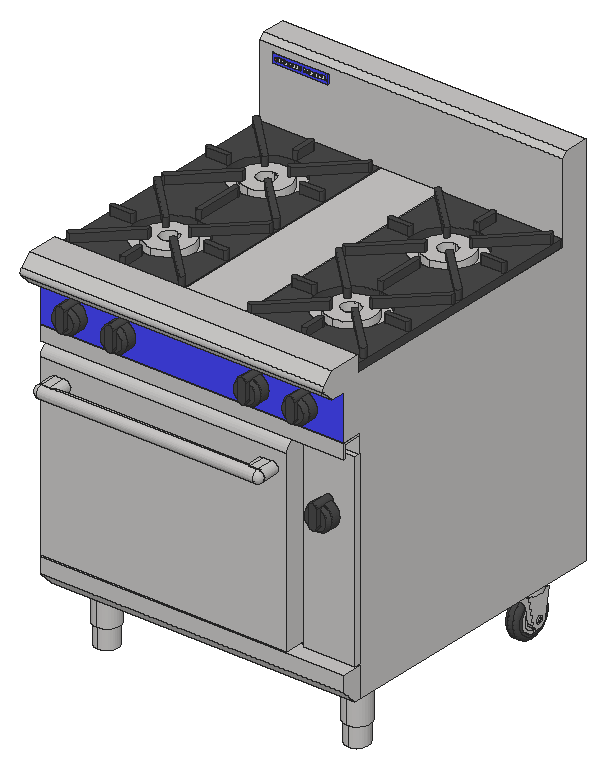
Revit family "QF_MOFFAT_BLUESEAL_CE_GE54D", category Specialty Equipment, Revit 2012 (continued)
Lines and regions (mm)
  symbolic lines
    curve 138: arc (600, -152.5, 150) -> (685, -237.5, 150) -> (600, -322.5, 150) r 85
    curve 139: arc (600, -180.5, 150) -> (543, -237.5, 150) -> (600, -294.5, 150) r 57
    curve 140: arc (600, -294.5, 150) -> (657, -237.5, 150) -> (600, -180.5, 150) r 57
    curve 141: arc (600, -259.5, 150) -> (578, -237.5, 150) -> (600, -215.5, 150) r 22
    curve 142: arc (600, -215.5, 150) -> (622, -237.5, 150) -> (600, -259.5, 150) r 22
    curve 143: line (149.988, -331.778, 0) -> (149.988, -448.358, 0)
    curve 144: line (150.034, -681.268, 0) -> (150.034, -628.558, 0)
    curve 145: line (9.26, -537.634, 0) -> (59.26, -537.634, 0)
    curve 146: line (178.593, -512.407, 0) -> (291.73, -399.27, 0)
    curve 147: line (291.767, -537.634, 0) -> (240.041, -537.634, 0)
    curve 148: arc (150, -480.5, 150) -> (207, -537.5, 150) -> (150, -594.5, 150) r 57
    curve 149: arc (150, -594.5, 150) -> (93, -537.5, 150) -> (150, -480.5, 150) r 57
    curve 150: arc (150, -622.768, 150) -> (235, -537.768, 150) -> (150, -452.768, 150) r 85
    curve 151: arc (150, -452.768, 150) -> (65, -537.768, 150) -> (150, -622.768, 150) r 85
    curve 152: arc (150, -515.5, 150) -> (128, -537.5, 150) -> (150, -559.5, 150) r 22
    curve 153: arc (150, -559.5, 150) -> (172, -537.5, 150) -> (150, -515.5, 150) r 22
    curve 154: line (121.407, -512.407, 0) -> (8.27, -399.27, 0)
    curve 155: line (178.593, -562.593, 0) -> (291.73, -675.73, 0)
    curve 156: line (121.407, -562.593, 0) -> (8.27, -675.73, 0)
    curve 157: line (150.034, -96.281, 0) -> (150.034, -149.16, 0)
    curve 158: line (178.593, -269.593, 0) -> (291.73, -382.73, 0)
    curve 159: line (121.407, -269.593, 0) -> (8.27, -382.73, 0)
    curve 160: line (9.26, -241, 0) -> (59.26, -241, 0)
    curve 161: line (291.767, -241, 0) -> (240.041, -241, 0)
    curve 162: arc (150, -322.5, 150) -> (235, -237.5, 150) -> (150, -152.5, 150) r 85
    curve 163: arc (150, -152.5, 150) -> (65, -237.5, 150) -> (150, -322.5, 150) r 85
    curve 164: arc (150, -180.5, 150) -> (207, -237.5, 150) -> (150, -294.5, 150) r 57
    curve 165: arc (150, -294.5, 150) -> (93, -237.5, 150) -> (150, -180.5, 150) r 57
    curve 166: arc (150, -259.5, 150) -> (172, -237.5, 150) -> (150, -215.5, 150) r 22
    curve 167: arc (150, -215.5, 150) -> (128, -237.5, 150) -> (150, -259.5, 150) r 22
    curve 168: line (178.593, -205.407, 0) -> (291.73, -92.27, 0)
    curve 169: line (121.407, -205.407, 0) -> (8.27, -92.27, 0)
    curve 170: line (32.794, -18.385, 150) -> (260.753, -18.385, 150)
    curve 171: arc (260.753, -18.385, 150) -> (265.753, -19.725, 150) -> (269.413, -23.385, 150) r 10
    curve 172: line (269.413, -23.385, 150) -> (273.455, -30.385, 150)
    curve 173: arc (273.455, -30.385, 150) -> (273.455, -40.385, 150) -> (264.794, -45.385, 150) r 10
    curve 174: line (264.794, -45.385, 150) -> (36.836, -45.385, 150)
    curve 175: arc (36.836, -45.385, 150) -> (31.836, -44.045, 150) -> (28.176, -40.385, 150) r 10
    curve 176: line (28.176, -40.385, 150) -> (24.134, -33.385, 150)
    curve 177: arc (24.134, -33.385, 150) -> (24.134, -23.385, 150) -> (32.794, -18.385, 150) r 10
    curve 178: line (710.753, -18.385, 150) -> (482.794, -18.385, 150)
    curve 179: arc (482.794, -18.385, 150) -> (474.134, -23.385, 150) -> (474.134, -33.385, 150) r 10
    curve 180: line (474.134, -33.385, 150) -> (478.176, -40.385, 150)
    curve 181: arc (478.176, -40.385, 150) -> (481.836, -44.045, 150) -> (486.836, -45.385, 150) r 10
    curve 182: line (486.836, -45.385, 150) -> (714.794, -45.385, 150)
    curve 183: arc (714.794, -45.385, 150) -> (723.455, -40.385, 150) -> (723.455, -30.385, 150) r 10
    curve 184: line (723.455, -30.385, 150) -> (719.413, -23.385, 150)
    curve 185: arc (719.413, -23.385, 150) -> (715.753, -19.725, 150) -> (710.753, -18.385, 150) r 10
    curve 186: line (0, -783.97, 150) -> (750, -783.97, 150)
    curve 187: line (0, -57.5, 150) -> (750, -57.5, 150)
  symbolic lines, style "QF_Door-Drawer Clearances", visible <- "Show Clearance"
    curve 116: line (0, -812, 0) -> (0, -1211.516, 0)
    curve 117: line (0, -1211.516, 0) -> (610, -1211.516, 0)
    curve 118: line (610, -1211.516, 0) -> (610, -812, 0)
Dimensions and locks
  equal spacing: plane 3 "LEFT", plane 7 "Center Y", plane 4 "RIGHT"
  "Width": plane 3 "LEFT" to plane 4 "RIGHT"
  equal spacing: plane 5 "FRONT", plane 8 "Center X", plane 1 "BACK"
  "Depth": plane 5 "FRONT" to plane 1 "BACK"
  equal spacing: plane 4 "RIGHT", plane 7 "Center Y", plane 3 "LEFT"
  plane 4 "RIGHT" to plane 3 "LEFT" = 750 mm
  plane 6 "TOP" to level = 970 mm  (x2)
  Extrusion 2 to level = 655 mm
  Extrusion 2 to plane 1 "BACK" = 32 mm
  plane 5 "FRONT" to plane 1 "BACK" = 812 mm
  Extrusion 1 to level = 915 mm
  plane 10 "Base Height" to level = 150 mm
  plane 6 "TOP" to plane 2 = 970 mm
  locked: plane 2 to Extrusion 1 sketch curve at 875
  locked: plane 2 to Extrusion 1 sketch curve at 915
  Extrusion 4 sketch curve to plane 11 = 64.8 mm
  locked: plane 13 to plane 4 "RIGHT" at 65
  plane 14 to Extrusion 9 sketch curve = 64.8 mm
  plane 1 "BACK" to plane 15 = 500 mm
  plane 17 to level = 1085 mm
  Extrusion 29 sketch curve to plane 1 "BACK" = 501 mm
  Extrusion 29 sketch curve to plane 4 "RIGHT" = 74 mm
  "Height": plane 17 to level
  Revolve 33 sketch curve to Revolve 33 sketch curve = 50.8 mm
  Revolve 37 sketch curve to Revolve 37 sketch curve = 50.8 mm
  aligned and locked: level to plane 2
  aligned and locked: curve 3 to plane 4 "RIGHT"
  aligned and locked: Extrusion 4 to curve 7
  aligned and locked: Extrusion 1 to plane 4 "RIGHT"
  aligned and locked: Revolve 6 to plane 13  (x5)
  aligned and locked: Extrusion 7 to Extrusion 4
Automatic sketch dimensions
  plane 12 to Extrusion 2 sketch curve = 0.062 mm
  plane 1 "BACK" to Extrusion 2 sketch curve = 32 mm
  Revolve 3 sketch curve to plane 10 "Base Height" = 0 mm
  Revolve 3 sketch curve to level = 0 mm
  level to Revolve 3 sketch curve = 50 mm
  Revolve 3 sketch curve to plane 5 "FRONT" = 155.25 mm
  Revolve 3 sketch curve to Revolve 3 sketch curve = 4.25 mm
  Revolve 3 sketch curve to Revolve 3 sketch curve = 27.5 mm  (x2)
  Revolve 3 sketch curve to Revolve 3 sketch curve = 55 mm
  Revolve 3 sketch curve to Revolve 3 sketch curve = 0 mm
  Revolve 6 sketch curve to plane 10 "Base Height" = 0 mm
  Revolve 6 sketch curve to level = 0 mm
  level to Revolve 6 sketch curve = 50 mm
  Revolve 6 sketch curve to plane 5 "FRONT" = 155.25 mm
  Revolve 6 sketch curve to Revolve 6 sketch curve = 4.25 mm
  Revolve 6 sketch curve to Revolve 6 sketch curve = 27.5 mm  (x2)
  Revolve 6 sketch curve to Revolve 6 sketch curve = 0 mm
  Revolve 6 sketch curve to Revolve 6 sketch curve = 55 mm
  plane 12 to Extrusion 8 sketch curve = 5 mm
  Extrusion 8 sketch curve to plane 6 "TOP" = 277.5 mm
  Extrusion 8 sketch curve to plane 12 = 10 mm
  plane 10 "Base Height" to Extrusion 8 sketch curve = 77.5 mm
  Revolve 10 sketch curve to plane 5 "FRONT" = 63 mm
  Revolve 10 sketch curve to Revolve 10 sketch curve = 10 mm
  Revolve 10 sketch curve to Revolve 10 sketch curve = 21.3 mm
  Revolve 10 sketch curve to Revolve 10 sketch curve = 23 mm
  Revolve 10 sketch curve to plane 5 "FRONT" = 19 mm
  Revolve 10 sketch curve to Revolve 10 sketch curve = 0 mm  (x2)
  Revolve 10 sketch curve to plane 6 "TOP" = 174 mm
  Revolve 10 sketch curve to Revolve 10 sketch curve = 5 mm
  Revolve 10 sketch curve to Revolve 10 sketch curve = 26.651 mm
  Revolve 10 sketch curve to Revolve 10 sketch curve = 5.849 mm
  Revolve 11 sketch curve to plane 5 "FRONT" = 19 mm
  Revolve 11 sketch curve to Revolve 11 sketch curve = 0 mm  (x2)
  Revolve 11 sketch curve to Revolve 11 sketch curve = 11 mm
  Revolve 11 sketch curve to Revolve 11 sketch curve = 12.7 mm
  Revolve 11 sketch curve to Revolve 11 sketch curve = 23 mm
  Revolve 11 sketch curve to Revolve 11 sketch curve = 10 mm
  Revolve 11 sketch curve to plane 6 "TOP" = 141.732 mm
  Revolve 11 sketch curve to Revolve 11 sketch curve = 5.849 mm
  Revolve 11 sketch curve to Revolve 11 sketch curve = 27.5 mm
  Revolve 11 sketch curve to Revolve 11 sketch curve = 5 mm
  plane 3 "LEFT" to Extrusion 12 sketch curve = 100 mm
  Extrusion 12 sketch curve to Extrusion 12 sketch curve = 10 mm
  Extrusion 12 sketch curve to plane 6 "TOP" = 147.105 mm
  Extrusion 12 sketch curve to Extrusion 12 sketch curve = 39 mm
  Extrusion 13 sketch curve to plane 7 "Center Y" = 153.818 mm
  Extrusion 13 sketch curve to Extrusion 13 sketch curve = 10 mm
  Extrusion 13 sketch curve to plane 6 "TOP" = 147.105 mm
  Extrusion 13 sketch curve to Extrusion 13 sketch curve = 39 mm
  Revolve 14 sketch curve to plane 5 "FRONT" = 63 mm
  Revolve 14 sketch curve to Revolve 14 sketch curve = 10 mm
  Revolve 14 sketch curve to Revolve 14 sketch curve = 21.3 mm
  Revolve 14 sketch curve to Revolve 14 sketch curve = 23 mm
  Revolve 14 sketch curve to plane 5 "FRONT" = 19 mm
  Revolve 14 sketch curve to Revolve 14 sketch curve = 0 mm  (x2)
  Revolve 14 sketch curve to plane 6 "TOP" = 141.5 mm
  Revolve 14 sketch curve to Revolve 14 sketch curve = 5.849 mm
  Revolve 14 sketch curve to Revolve 14 sketch curve = 27.5 mm
  Revolve 14 sketch curve to Revolve 14 sketch curve = 5 mm
  Revolve 15 sketch curve to plane 5 "FRONT" = 19 mm
  Revolve 15 sketch curve to Revolve 15 sketch curve = 0 mm  (x2)
  Revolve 15 sketch curve to Revolve 15 sketch curve = 11 mm
  Revolve 15 sketch curve to Revolve 15 sketch curve = 12.7 mm
  Revolve 15 sketch curve to Revolve 15 sketch curve = 23 mm
  Revolve 15 sketch curve to Revolve 15 sketch curve = 10 mm
  Revolve 15 sketch curve to plane 6 "TOP" = 174.232 mm
  Revolve 15 sketch curve to Revolve 15 sketch curve = 5 mm
  Revolve 15 sketch curve to Revolve 15 sketch curve = 26.651 mm
  Revolve 15 sketch curve to Revolve 15 sketch curve = 5.849 mm
  plane 16 to Extrusion 16 sketch curve = 26 mm
  Extrusion 16 sketch curve to Extrusion 16 sketch curve = 10 mm
  Extrusion 16 sketch curve to plane 6 "TOP" = 186.105 mm
  Extrusion 16 sketch curve to Extrusion 16 sketch curve = 39 mm
  Extrusion 17 sketch curve to plane 12 = 90 mm
  Extrusion 17 sketch curve to Extrusion 17 sketch curve = 10 mm
  Extrusion 17 sketch curve to plane 6 "TOP" = 186.105 mm
  Extrusion 17 sketch curve to Extrusion 17 sketch curve = 39 mm
  Revolve 18 sketch curve to plane 5 "FRONT" = 54.5 mm
  Revolve 18 sketch curve to Revolve 18 sketch curve = 0 mm  (x2)
  Revolve 18 sketch curve to Revolve 18 sketch curve = 11 mm
  Revolve 18 sketch curve to Revolve 18 sketch curve = 12.7 mm
  Revolve 18 sketch curve to Revolve 18 sketch curve = 23 mm
  Revolve 18 sketch curve to Revolve 18 sketch curve = 10 mm
  plane 10 "Base Height" to Revolve 18 sketch curve = 402.134 mm
  Revolve 18 sketch curve to Revolve 18 sketch curve = 5 mm
  Revolve 18 sketch curve to Revolve 18 sketch curve = 26.651 mm
  Revolve 18 sketch curve to Revolve 18 sketch curve = 5.849 mm
  Extrusion 19 sketch curve to plane 16 = 1.529 mm
  Extrusion 19 sketch curve to plane 13 = 2.529 mm
  plane 10 "Base Height" to Extrusion 19 sketch curve = 390.261 mm
  Extrusion 19 sketch curve to Extrusion 19 sketch curve = 39 mm
  Extrusion 20 sketch curve to plane 5 "FRONT" = 63 mm
  plane 10 "Base Height" to Extrusion 20 sketch curve = 77.5 mm
  plane 5 "FRONT" to Extrusion 20 sketch curve = 399.516 mm
  plane 13 to Extrusion 21 sketch curve = 4 mm
  Extrusion 21 sketch curve to plane 12 = 20 mm
  Extrusion 21 sketch curve to plane 12 = 68.5 mm
  Extrusion 21 sketch curve to plane 1 "BACK" = 30.24 mm
  plane 1 "BACK" to Extrusion 21 sketch curve = 38.76 mm
  plane 9 to Extrusion 21 sketch curve = 12.74 mm
  plane 3 "LEFT" to Extrusion 24 sketch curve = 58.528 mm
  Extrusion 24 sketch curve to plane 6 "TOP" = 361.875 mm  (x2)
  Extrusion 24 sketch curve to plane 12 = 67.243 mm
  Extrusion 24 sketch curve to Extrusion 24 sketch curve = 15 mm  (x2)
  Extrusion 24 sketch curve to Extrusion 24 sketch curve = 20.282 mm  (x2)
  Revolve 25 sketch curve to plane 3 "LEFT" = 6.961 mm
  plane 3 "LEFT" to Revolve 25 sketch curve = 23.246 mm
  Revolve 25 sketch curve to Revolve 25 sketch curve = 15 mm
  Revolve 25 sketch curve to plane 12 = 46.961 mm
  Revolve 25 sketch curve to Revolve 25 sketch curve = 0 mm  (x2)
  Revolve 25 sketch curve to plane 6 "TOP" = 346.875 mm
  Extrusion 26 sketch curve to plane 5 "FRONT" = 63 mm
  Extrusion 26 sketch curve to Extrusion 26 sketch curve = 26.195 mm
  Extrusion 26 sketch curve to Extrusion 26 sketch curve = 50 mm
  plane 10 "Base Height" to Extrusion 26 sketch curve = 77.5 mm
  Extrusion 26 sketch curve to plane 6 "TOP" = 303.695 mm
  Extrusion 27 sketch curve to plane 5 "FRONT" = 63 mm
  Extrusion 27 sketch curve to Extrusion 27 sketch curve = 3.02 mm
  Extrusion 27 sketch curve to Extrusion 27 sketch curve = 44.98 mm
  Extrusion 27 sketch curve to plane 6 "TOP" = 267 mm
  Extrusion 27 sketch curve to Extrusion 27 sketch curve = 32 mm
  Extrusion 27 sketch curve to Extrusion 27 sketch curve = 3 mm
  Extrusion 28 sketch curve to plane 5 "FRONT" = 63 mm
  plane 9 to Extrusion 9 sketch curve = 29 mm
  Extrusion 9 sketch curve to Extrusion 9 sketch curve = 3 mm  (x3)
  Extrusion 9 sketch curve to plane 12 = 20 mm  (x2)
  Extrusion 9 sketch curve to plane 9 = 137.5 mm
  Extrusion 9 sketch curve to plane 15 = 37.768 mm
  Extrusion 9 sketch curve to plane 5 "FRONT" = 110 mm  (x2)
  plane 7 "Center Y" to Extrusion 9 sketch curve = 78 mm
  plane 9 to Extrusion 4 sketch curve = 29 mm
  Extrusion 4 sketch curve to Extrusion 4 sketch curve = 3 mm  (x3)
  Extrusion 4 sketch curve to plane 9 = 137.5 mm
  Extrusion 4 sketch curve to plane 15 = 37.768 mm
  Extrusion 4 sketch curve to plane 5 "FRONT" = 110 mm  (x2)
  Extrusion 4 sketch curve to plane 11 = 84.2 mm  (x2)
  Extrusion 4 sketch curve to plane 7 "Center Y" = 78 mm
  curve 121 to curve 125 = 0 mm  (x2)
  curve 137 to curve 139 = 0 mm  (x2)
  curve 137 to curve 141 = 0 mm  (x2)
  curve 148 to curve 152 = 0 mm
  curve 149 to curve 153 = 0 mm
  curve 163 to curve 165 = 0 mm  (x2)
  curve 163 to curve 166 = 0 mm
  curve 163 to curve 167 = 0 mm
  curve 121 to plane 12 = 20 mm
  curve 123 to curve 121 = 0 mm
  curve 137 to plane 12 = 20 mm
  curve 148 to plane 15 = 37.5 mm
  plane 3 "LEFT" to curve 148 = 150 mm
  curve 150 to curve 148 = 0 mm
  plane 3 "LEFT" to curve 162 = 150 mm
  curve 126 to plane 15 = 37.5 mm
  curve 152 to plane 15 = 15.5 mm
  curve 125 to plane 15 = 15.5 mm
  plane 15 to curve 122 = 19.5 mm
  plane 15 to curve 149 = 19.5 mm
  curve 151 to curve 148 = 27.732 mm
  curve 124 to curve 121 = 27.732 mm
  plane 8 "Center X" to curve 163 = 83.5 mm
  plane 8 "Center X" to curve 137 = 83.5 mm
  curve 140 to curve 137 = 28 mm
  curve 164 to curve 162 = 28 mm
  curve 142 to curve 139 = 35 mm
  curve 166 to curve 164 = 35 mm
  curve 139 to curve 142 = 22 mm
  curve 164 to curve 166 = 22 mm
  curve 121 to curve 123 = 0.268 mm
  curve 148 to curve 151 = 0.268 mm
  plane 1 "BACK" to curve 1 = 0 mm
  curve 1 to plane 3 "LEFT" = 0 mm
  curve 34 to plane 7 "Center Y" = 0 mm
  curve 100 to plane 7 "Center Y" = 0 mm
  curve 46 to plane 7 "Center Y" = 0 mm
  curve 94 to plane 7 "Center Y" = 0 mm
  curve 29 to plane 7 "Center Y" = 0 mm
  curve 106 to plane 7 "Center Y" = 0 mm
  curve 52 to plane 7 "Center Y" = 0 mm
  curve 23 to plane 7 "Center Y" = 0 mm
  curve 89 to plane 7 "Center Y" = 0 mm
  curve 58 to plane 7 "Center Y" = 0 mm
  curve 40 to plane 7 "Center Y" = 0 mm
  curve 17 to plane 7 "Center Y" = 0 mm
  curve 11 to plane 7 "Center Y" = 0 mm
  curve 64 to plane 7 "Center Y" = 0 mm
  curve 83 to plane 7 "Center Y" = 0 mm
  curve 70 to plane 7 "Center Y" = 0 mm
  curve 76 to plane 7 "Center Y" = 0 mm
  plane 5 "FRONT" to curve 118 = 0 mm
  plane 3 "LEFT" to curve 156 = 8.27 mm
  plane 3 "LEFT" to curve 159 = 8.27 mm
  plane 3 "LEFT" to curve 169 = 8.27 mm
  plane 3 "LEFT" to curve 154 = 8.27 mm
  plane 3 "LEFT" to curve 160 = 9.26 mm
  plane 3 "LEFT" to curve 145 = 9.26 mm
  curve 145 to curve 145 = 50 mm
  curve 160 to curve 160 = 50 mm
  curve 145 to curve 156 = 62.147 mm
  curve 160 to curve 159 = 62.147 mm
  curve 169 to curve 159 = 0 mm
  curve 154 to plane 15 = 12.407 mm
  curve 154 to curve 156 = 0 mm
  curve 154 to curve 143 = 28.581 mm
  curve 156 to curve 144 = 28.628 mm
  curve 169 to curve 157 = 28.628 mm
  curve 159 to curve 158 = 57.187 mm
  curve 169 to curve 168 = 57.187 mm
  curve 155 to plane 15 = 62.593 mm
  curve 156 to curve 155 = 57.187 mm
  curve 146 to plane 15 = 12.407 mm
  curve 146 to curve 155 = 0 mm
  curve 155 to curve 147 = 61.447 mm
  curve 158 to curve 161 = 61.447 mm
  plane 8 "Center X" to curve 158 = 23.27 mm
  curve 158 to curve 7 = 8.27 mm
  curve 155 to curve 119 = 8.27 mm
  plane 8 "Center X" to curve 146 = 6.73 mm
  curve 146 to curve 7 = 8.27 mm  (x2)
  plane 9 to curve 168 = 7.73 mm
  curve 168 to curve 119 = 8.27 mm
  curve 161 to curve 161 = 51.727 mm
  curve 147 to curve 147 = 51.727 mm
  curve 69 to plane 7 "Center Y" = 47.424 mm
  curve 147 to curve 81 = 35.809 mm
  plane 15 to curve 74 = 10.963 mm
  curve 74 to curve 68 = 0 mm
  curve 8 to plane 9 = 15.037 mm
  curve 168 to curve 8 = 35.846 mm
  curve 86 to curve 80 = 0 mm
  curve 63 to curve 68 = 0 mm
  curve 14 to curve 8 = 0 mm
  plane 8 "Center X" to curve 57 = 10.963 mm
  curve 57 to curve 62 = 0 mm
  curve 20 to curve 14 = 0 mm
  curve 92 to curve 86 = 0 mm
  curve 51 to curve 56 = 0 mm
  curve 155 to curve 105 = 35.846 mm
  curve 26 to curve 20 = 0 mm
  curve 45 to curve 50 = 0 mm
  curve 32 to curve 26 = 0 mm
  curve 98 to curve 104 = 0 mm
  curve 39 to curve 44 = 0 mm
  curve 67 to plane 8 "Center X" = 23.037 mm
  curve 64 to curve 67 = 47.424 mm
  curve 84 to plane 15 = 23.037 mm
  curve 82 to curve 84 = 47.424 mm
  curve 61 to curve 66 = 0 mm
  curve 55 to curve 60 = 0 mm
  curve 90 to curve 84 = 0 mm
  curve 49 to curve 54 = 0 mm
  curve 43 to curve 48 = 0 mm
  curve 96 to curve 90 = 0 mm
  curve 72 to curve 66 = 0 mm
  curve 37 to curve 42 = 0 mm
  curve 31 to curve 36 = 0 mm
  curve 102 to curve 96 = 0 mm
  curve 25 to curve 30 = 0 mm
  curve 19 to curve 24 = 0 mm
  curve 108 to curve 102 = 0 mm
  plane 15 to curve 78 = 10.963 mm
  curve 78 to curve 84 = 0 mm
  curve 12 to curve 18 = 0 mm
  curve 84 to curve 115 = 35.809 mm
  curve 36 to curve 136 = 35.809 mm
  plane 8 "Center X" to curve 131 = 23.27 mm
  curve 114 to curve 131 = 8.27 mm
  plane 8 "Center X" to curve 113 = 6.73 mm
  curve 114 to curve 113 = 8.27 mm
  plane 9 to curve 133 = 7.73 mm
  curve 120 to curve 133 = 8.27 mm
  curve 120 to curve 128 = 8.27 mm
  curve 115 to curve 115 = 51.727 mm
  curve 136 to curve 136 = 51.727 mm
  curve 133 to plane 12 = 48.593 mm
  curve 113 to plane 15 = 12.407 mm
  curve 113 to plane 12 = 48.593 mm
  curve 131 to plane 12 = 48.593 mm
  curve 128 to plane 12 = 48.593 mm
  plane 9 to curve 130 = 3.719 mm
  curve 130 to plane 12 = 20.034 mm
  curve 111 to plane 12 = 20.034 mm
  curve 110 to plane 12 = 19.988 mm
  curve 117 to plane 12 = 10 mm
  plane 12 to curve 127 = 8.593 mm
  plane 12 to curve 132 = 8.593 mm
  plane 12 to curve 134 = 8.593 mm
  plane 12 to curve 129 = 8.593 mm
  curve 112 to plane 13 = 5.74 mm
  curve 135 to plane 13 = 5.74 mm
  plane 4 "RIGHT" to curve 135 = 9.26 mm
  plane 4 "RIGHT" to curve 112 = 9.26 mm
  plane 4 "RIGHT" to curve 129 = 8.27 mm
  plane 4 "RIGHT" to curve 127 = 8.27 mm
  plane 4 "RIGHT" to curve 132 = 8.27 mm
  plane 4 "RIGHT" to curve 134 = 8.27 mm
  curve 116 to curve 1 = 399.516 mm
  curve 5 to plane 5 "FRONT" = 107 mm
  curve 119 to plane 5 "FRONT" = 107 mm
  curve 120 to plane 5 "FRONT" = 107 mm
  curve 111 to plane 5 "FRONT" = 130.732 mm
  curve 144 to curve 155 = 118.675 mm
  curve 119 to curve 155 = 29.27 mm
  curve 120 to curve 128 = 29.27 mm
  curve 5 to curve 129 = 29.27 mm
  curve 5 to curve 156 = 29.27 mm
  curve 155 to curve 104 = 8.693 mm
  curve 104 to curve 106 = 0 mm
  curve 128 to curve 108 = 8.693 mm
  curve 104 to curve 105 = 8 mm
  curve 108 to curve 109 = 8 mm
  curve 106 to curve 106 = 8 mm
  curve 108 to curve 102 = 18 mm
  curve 106 to curve 100 = 18 mm
  curve 104 to curve 98 = 18 mm
  curve 144 to curve 144 = 52.71 mm
  curve 111 to curve 111 = 52.71 mm
  curve 100 to curve 100 = 8 mm
  curve 98 to curve 99 = 8 mm
  curve 102 to curve 103 = 8 mm
  curve 102 to curve 96 = 18 mm
  curve 100 to curve 94 = 18 mm
  curve 98 to curve 93 = 18 mm
  curve 92 to curve 93 = 8 mm
  curve 96 to curve 97 = 8 mm
  curve 94 to curve 94 = 8 mm
  curve 96 to curve 90 = 18 mm
  curve 94 to curve 89 = 18 mm
  curve 92 to curve 86 = 18 mm
  curve 128 to curve 113 = 50.187 mm
  curve 156 to curve 154 = 50.187 mm
  curve 128 to curve 129 = 0 mm
  curve 90 to curve 90 = 8 mm
  curve 88 to curve 88 = 8 mm
  curve 86 to curve 87 = 8 mm
  curve 86 to curve 147 = 11.403 mm
  curve 112 to plane 15 = 37.634 mm
  curve 145 to plane 15 = 37.634 mm
  curve 90 to curve 115 = 11.403 mm
  curve 86 to curve 80 = 18 mm
  curve 88 to curve 83 = 18 mm
  curve 85 to curve 84 = 8 mm
  curve 82 to curve 83 = 8 mm
  curve 80 to curve 81 = 8 mm
  curve 127 to plane 15 = 12.407 mm
  plane 15 to curve 79 = 2.963 mm
  plane 15 to curve 74 = 2.963 mm
  plane 15 to curve 77 = 2.963 mm
  curve 76 to curve 77 = 8 mm
  curve 78 to curve 72 = 18 mm
  curve 76 to curve 71 = 18 mm
  curve 74 to curve 69 = 18 mm
  curve 70 to curve 71 = 8 mm
  curve 68 to curve 69 = 8 mm
  curve 72 to curve 72 = 8 mm
  curve 110 to plane 8 "Center X" = 42.358 mm
  curve 143 to plane 8 "Center X" = 42.358 mm
  curve 70 to curve 65 = 18 mm
  curve 68 to curve 62 = 18 mm
  curve 62 to curve 63 = 8 mm
  curve 66 to curve 67 = 8 mm
  curve 64 to curve 64 = 8 mm
  plane 8 "Center X" to curve 154 = 6.73 mm
  plane 8 "Center X" to curve 127 = 6.73 mm
  plane 8 "Center X" to curve 59 = 10.963 mm
  plane 8 "Center X" to curve 60 = 10.963 mm
  curve 127 to curve 114 = 8.27 mm
  curve 56 to curve 56 = 8 mm
  curve 60 to curve 61 = 8 mm
  curve 58 to curve 59 = 8 mm
  curve 114 to curve 132 = 8.27 mm
  curve 7 to curve 159 = 8.27 mm
  curve 60 to curve 54 = 18 mm
  curve 56 to curve 50 = 18 mm
  curve 58 to curve 53 = 18 mm
  curve 54 to curve 54 = 8 mm
  curve 50 to curve 51 = 8 mm
  curve 52 to curve 53 = 8 mm
  plane 8 "Center X" to curve 143 = 74.222 mm
  curve 50 to curve 44 = 18 mm
  curve 52 to curve 46 = 18 mm
  curve 54 to curve 49 = 18 mm
  plane 8 "Center X" to curve 110 = 80 mm
  curve 44 to curve 44 = 8 mm
  curve 48 to curve 49 = 8 mm
  curve 46 to curve 46 = 8 mm
  curve 48 to curve 43 = 18 mm
  curve 46 to curve 40 = 18 mm
  curve 44 to curve 38 = 18 mm
  curve 42 to curve 43 = 8 mm
  curve 40 to curve 41 = 8 mm
  curve 38 to curve 38 = 8 mm
  curve 110 to curve 131 = 56.407 mm
  curve 143 to curve 159 = 62.185 mm
  curve 131 to curve 132 = 0 mm
  curve 159 to curve 158 = 0 mm
  curve 40 to curve 35 = 18 mm
  curve 38 to curve 33 = 18 mm
  curve 42 to curve 36 = 18 mm
  curve 36 to curve 36 = 8 mm
  curve 32 to curve 32 = 8 mm
  curve 34 to curve 34 = 8 mm
  curve 158 to curve 161 = 28.593 mm
  curve 132 to curve 135 = 28.593 mm
  curve 36 to curve 136 = 2.037 mm
  curve 159 to curve 160 = 28.593 mm
  curve 34 to curve 28 = 18 mm
  curve 32 to curve 26 = 18 mm
  curve 36 to curve 31 = 18 mm
  curve 30 to curve 31 = 8 mm
  curve 26 to curve 27 = 8 mm
  curve 28 to curve 29 = 8 mm
  curve 159 to curve 169 = 64.187 mm
  curve 132 to curve 134 = 64.187 mm
  curve 133 to curve 134 = 0 mm
  curve 169 to curve 168 = 0 mm
  curve 26 to curve 20 = 18 mm
  curve 28 to curve 22 = 18 mm
  curve 30 to curve 24 = 18 mm
  curve 20 to curve 21 = 8 mm
  curve 24 to curve 25 = 8 mm
  curve 22 to curve 22 = 8 mm
  curve 24 to curve 18 = 18 mm
  curve 20 to curve 15 = 18 mm
  curve 22 to curve 16 = 18 mm
  curve 130 to plane 9 = 49.16 mm
  curve 157 to plane 9 = 49.16 mm
  curve 18 to curve 19 = 8 mm
  curve 14 to curve 14 = 8 mm
  curve 16 to curve 17 = 8 mm
  curve 8 to curve 8 = 8 mm
  curve 16 to curve 10 = 18 mm
  curve 18 to curve 12 = 18 mm
  curve 10 to curve 10 = 8 mm
  curve 12 to curve 13 = 8 mm
  plane 9 to curve 157 = 3.719 mm
  plane 9 to curve 169 = 7.73 mm
  plane 9 to curve 134 = 7.73 mm
  curve 133 to curve 120 = 18.27 mm
  curve 168 to curve 119 = 22.27 mm
  Extrusion 1 sketch curve to plane 10 "Base Height" = 0 mm
  Extrusion 1 sketch curve to plane 17 = 0 mm
  Extrusion 1 sketch curve to plane 1 "BACK" = 0 mm
  plane 9 to Extrusion 1 sketch curve = 42.5 mm
  Extrusion 1 sketch curve to Extrusion 1 sketch curve = 12.5 mm
  Extrusion 1 sketch curve to plane 5 "FRONT" = 107 mm
  Extrusion 1 sketch curve to plane 5 "FRONT" = 113 mm
  Extrusion 1 sketch curve to Extrusion 1 sketch curve = 50 mm
  Extrusion 1 sketch curve to plane 5 "FRONT" = 28.03 mm
  Extrusion 1 sketch curve to plane 5 "FRONT" = 27.03 mm
  Extrusion 1 sketch curve to plane 5 "FRONT" = 12.032 mm
  Extrusion 1 sketch curve to plane 5 "FRONT" = 3.531 mm  (x2)
  Extrusion 1 sketch curve to Extrusion 1 sketch curve = 135 mm
  Extrusion 1 sketch curve to Extrusion 1 sketch curve = 25 mm
  Extrusion 1 sketch curve to Extrusion 1 sketch curve = 23.499 mm
  Extrusion 1 sketch curve to Extrusion 1 sketch curve = 8.501 mm
  Extrusion 1 sketch curve to plane 17 = 12.5 mm
  Extrusion 1 to Extrusion 7 sketch curve = 0 mm
  Extrusion 7 sketch curve to Extrusion 1 = 1 mm
  Extrusion 1 to Extrusion 7 sketch curve = 300 mm
  Extrusion 7 sketch curve to Extrusion 7 sketch curve = 150 mm
  Split face 1 sketch curve to Extrusion 7 = 45.037 mm
  Split face 1 sketch curve to Extrusion 7 = 27.576 mm
  Split face 2 sketch curve to Extrusion 7 = 45.037 mm
  Split face 2 sketch curve to Extrusion 7 = 75 mm
  Split face 3 sketch curve to Extrusion 7 = 45.037 mm
  Split face 3 sketch curve to Extrusion 7 = 27.576 mm
  Split face 4 sketch curve to Extrusion 7 = 27.576 mm
  Split face 4 sketch curve to Extrusion 7 = 79.037 mm
  Split face 5 sketch curve to Extrusion 7 = 79.037 mm
  Split face 5 sketch curve to Extrusion 7 = 75 mm
  Split face 6 sketch curve to Extrusion 7 = 27.576 mm
  Split face 6 sketch curve to Extrusion 7 = 79.037 mm
  Split face 7 sketch curve to Extrusion 7 = 27.576 mm
  Split face 7 sketch curve to Extrusion 7 = 113.037 mm
  Split face 8 sketch curve to Extrusion 7 = 113.037 mm
  Split face 8 sketch curve to Extrusion 7 = 75 mm
  Split face 9 sketch curve to Extrusion 7 = 27.576 mm
  Split face 9 sketch curve to Extrusion 7 = 113.037 mm
  Split face 10 sketch curve to Extrusion 7 = 27.576 mm
  Split face 10 sketch curve to Extrusion 7 = 147.037 mm
  Split face 11 sketch curve to Extrusion 7 = 147.037 mm
  Split face 11 sketch curve to Extrusion 7 = 75 mm
  Split face 12 sketch curve to Extrusion 7 = 27.576 mm
  Split face 12 sketch curve to Extrusion 7 = 147.037 mm
  Split face 13 sketch curve to Extrusion 7 = 27.576 mm
  Split face 13 sketch curve to Extrusion 7 = 181.037 mm
  Split face 14 sketch curve to Extrusion 7 = 75 mm
  Split face 14 sketch curve to Extrusion 7 = 181.037 mm
  Split face 15 sketch curve to Extrusion 7 = 27.576 mm
  Split face 15 sketch curve to Extrusion 7 = 181.037 mm
  Split face 16 sketch curve to Extrusion 7 = 27.576 mm
  Split face 16 sketch curve to Extrusion 7 = 215.037 mm
  Split face 17 sketch curve to Extrusion 7 = 75 mm
  Split face 17 sketch curve to Extrusion 7 = 215.037 mm
  Split face 18 sketch curve to Extrusion 7 = 27.576 mm
  Split face 18 sketch curve to Extrusion 7 = 215.037 mm
  Split face 19 sketch curve to Extrusion 7 = 27.576 mm
  Split face 19 sketch curve to Extrusion 7 = 249.037 mm
  Split face 20 sketch curve to Extrusion 7 = 75 mm
  Split face 20 sketch curve to Extrusion 7 = 249.037 mm
  Split face 21 sketch curve to Extrusion 7 = 27.576 mm
  Split face 21 sketch curve to Extrusion 7 = 249.037 mm
  Split face 22 sketch curve to Extrusion 7 = 27.576 mm
  Split face 22 sketch curve to Extrusion 7 = 283.037 mm
  Split face 23 sketch curve to Extrusion 7 = 75 mm
  Split face 23 sketch curve to Extrusion 7 = 283.037 mm
  Split face 24 sketch curve to Extrusion 7 = 27.576 mm
  Split face 24 sketch curve to Extrusion 7 = 283.037 mm
  Split face 25 sketch curve to Extrusion 7 = 27.576 mm
  Split face 25 sketch curve to Extrusion 7 = 316.963 mm
  Split face 26 sketch curve to Extrusion 7 = 75 mm
  Split face 26 sketch curve to Extrusion 7 = 316.963 mm
  Split face 27 sketch curve to Extrusion 7 = 27.576 mm
  Split face 27 sketch curve to Extrusion 7 = 316.963 mm
  Split face 28 sketch curve to Extrusion 7 = 27.576 mm
  Split face 28 sketch curve to Extrusion 7 = 282.963 mm
  Split face 29 sketch curve to Extrusion 7 = 75 mm
  Split face 29 sketch curve to Extrusion 7 = 282.963 mm
  Split face 30 sketch curve to Extrusion 7 = 27.576 mm
  Split face 30 sketch curve to Extrusion 7 = 282.963 mm
  Split face 31 sketch curve to Extrusion 7 = 27.576 mm
  Split face 31 sketch curve to Extrusion 7 = 248.963 mm
  Split face 32 sketch curve to Extrusion 7 = 75 mm
  Split face 32 sketch curve to Extrusion 7 = 248.963 mm
  Split face 33 sketch curve to Extrusion 7 = 27.576 mm
  Split face 33 sketch curve to Extrusion 7 = 248.963 mm
  Split face 34 sketch curve to Extrusion 7 = 27.576 mm
  Split face 34 sketch curve to Extrusion 7 = 214.963 mm
  Split face 35 sketch curve to Extrusion 7 = 75 mm
  Split face 35 sketch curve to Extrusion 7 = 214.963 mm
  Split face 36 sketch curve to Extrusion 7 = 27.576 mm
  Split face 36 sketch curve to Extrusion 7 = 214.963 mm
  Split face 37 sketch curve to Extrusion 7 = 27.576 mm
  Split face 37 sketch curve to Extrusion 7 = 180.963 mm
  Split face 38 sketch curve to Extrusion 7 = 75 mm
  Split face 38 sketch curve to Extrusion 7 = 180.963 mm
  Split face 39 sketch curve to Extrusion 7 = 27.576 mm
  Split face 39 sketch curve to Extrusion 7 = 180.963 mm
  Split face 40 sketch curve to Extrusion 7 = 27.576 mm
  Split face 40 sketch curve to Extrusion 7 = 146.963 mm
  Split face 41 sketch curve to Extrusion 7 = 146.963 mm
  Split face 41 sketch curve to Extrusion 7 = 75 mm
  Split face 42 sketch curve to Extrusion 7 = 27.576 mm
  Split face 42 sketch curve to Extrusion 7 = 146.963 mm
  Split face 43 sketch curve to Extrusion 7 = 27.576 mm
  Split face 43 sketch curve to Extrusion 7 = 112.963 mm
  Split face 44 sketch curve to Extrusion 7 = 112.963 mm
  Split face 44 sketch curve to Extrusion 7 = 75 mm
  Split face 45 sketch curve to Extrusion 7 = 27.576 mm
  Split face 45 sketch curve to Extrusion 7 = 112.963 mm
  Split face 46 sketch curve to Extrusion 7 = 27.576 mm
  Split face 46 sketch curve to Extrusion 7 = 78.963 mm
  Split face 47 sketch curve to Extrusion 7 = 78.963 mm
  Split face 47 sketch curve to Extrusion 7 = 75 mm
  Split face 48 sketch curve to Extrusion 7 = 27.576 mm
  Split face 48 sketch curve to Extrusion 7 = 78.963 mm
  Split face 49 sketch curve to Extrusion 7 = 44.963 mm
  Split face 49 sketch curve to Extrusion 7 = 27.576 mm
  Split face 50 sketch curve to Extrusion 7 = 44.963 mm
  Split face 50 sketch curve to Extrusion 7 = 75 mm
  Split face 51 sketch curve to Extrusion 7 = 44.963 mm
  Split face 51 sketch curve to Extrusion 7 = 27.576 mm
  plane 4 "RIGHT" to Extrusion 22 sketch curve = 0 mm
  Extrusion 22 sketch curve to plane 6 "TOP" = 270 mm
  plane 12 to Extrusion 22 sketch curve = 5 mm
  plane 10 "Base Height" to Extrusion 22 sketch curve = 77.5 mm
  Extrusion 23 sketch curve to Extrusion 23 sketch curve = 0 mm  (x8)
  Extrusion 1 to Extrusion 23 sketch curve = 167.5 mm  (x2)
  Extrusion 23 sketch curve to Extrusion 1 = 167.5 mm  (x2)
  Extrusion 1 to Extrusion 23 sketch curve = 150 mm  (x4)
  Extrusion 5 sketch curve to Extrusion 4 = 19.102 mm  (x4)
  Extrusion 5 sketch curve to Extrusion 5 sketch curve = 4.525 mm  (x32)
  Extrusion 5 sketch curve to Extrusion 4 = 27.593 mm  (x2)
  Extrusion 5 sketch curve to Extrusion 5 sketch curve = 48.456 mm  (x8)
  Extrusion 5 sketch curve to Extrusion 5 sketch curve = 50.976 mm  (x2)
  Extrusion 5 sketch curve to Extrusion 5 sketch curve = 0 mm  (x8)
  Extrusion 5 sketch curve to Extrusion 5 sketch curve = 27.39 mm  (x4)
  Extrusion 5 sketch curve to Extrusion 4 = 9.156 mm  (x2)
  Extrusion 5 sketch curve to Extrusion 5 sketch curve = 6.4 mm  (x14)
  Extrusion 5 sketch curve to Extrusion 5 sketch curve = 20.658 mm  (x4)
  Extrusion 5 sketch curve to Extrusion 5 sketch curve = 55.923 mm  (x2)
  Extrusion 5 sketch curve to Extrusion 4 = 5.102 mm  (x3)
  Extrusion 5 sketch curve to Extrusion 5 sketch curve = 128.581 mm  (x4)
  Extrusion 4 to Extrusion 5 sketch curve = 156.102 mm  (x3)
  Extrusion 5 sketch curve to Extrusion 4 = 6.102 mm  (x2)
  Extrusion 5 sketch curve to Extrusion 4 = 14.153 mm
  Extrusion 5 sketch curve to Extrusion 5 sketch curve = 12.205 mm  (x4)
  Extrusion 5 sketch curve to Extrusion 5 sketch curve = 112.454 mm  (x2)
  Extrusion 5 sketch curve to Extrusion 5 sketch curve = 59.673 mm  (x2)
  Extrusion 5 sketch curve to Extrusion 5 sketch curve = 17.024 mm  (x4)
  Extrusion 5 sketch curve to Extrusion 5 sketch curve = 46.847 mm  (x4)
  Extrusion 5 sketch curve to Extrusion 5 sketch curve = 62.169 mm  (x2)
  Extrusion 5 sketch curve to Extrusion 4 = 36.153 mm  (x4)
  Extrusion 5 sketch curve to Extrusion 4 = 23.4 mm  (x2)
  Extrusion 5 sketch curve to Extrusion 5 sketch curve = 55.413 mm  (x5)
  Extrusion 5 sketch curve to Extrusion 5 sketch curve = 20.524 mm  (x6)
  Extrusion 5 sketch curve to Extrusion 5 sketch curve = 53.847 mm  (x8)
  Extrusion 5 sketch curve to Extrusion 4 = 58.364 mm  (x2)
  Extrusion 5 sketch curve to Extrusion 4 = 15.153 mm
  Extrusion 5 sketch curve to Extrusion 4 = 9.908 mm  (x2)
  Extrusion 5 sketch curve to Extrusion 5 sketch curve = 9.051 mm
  Extrusion 5 sketch curve to Extrusion 5 sketch curve = 3.806 mm  (x2)
  Extrusion 5 sketch curve to Extrusion 5 sketch curve = 55.661 mm  (x3)
  Extrusion 5 sketch curve to Extrusion 5 sketch curve = 128.447 mm  (x3)
  curve 12 to curve 120 = 27.576 mm
  Split face 52 sketch curve to cut or joined group of Extrusion 1, Extrusion 8, Extrusion 21, Extrusion 22 = 27.115 mm
  Split face 52 sketch curve to cut or joined group of Extrusion 1, Extrusion 8, Extrusion 21, Extrusion 22 = 476.545 mm
  Split face 52 sketch curve to cut or joined group of Extrusion 1, Extrusion 8, Extrusion 21, Extrusion 22 = 23.385 mm
  Split face 52 sketch curve to Split face 52 sketch curve = 4.041 mm  (x4)
  Split face 52 sketch curve to Split face 52 sketch curve = 8.66 mm  (x2)
  Split face 52 sketch curve to cut or joined group of Extrusion 1, Extrusion 8, Extrusion 21, Extrusion 22 = 22.115 mm
  Split face 52 sketch curve to Split face 52 sketch curve = 223.917 mm
  Split face 52 sketch curve to cut or joined group of Extrusion 1, Extrusion 8, Extrusion 21, Extrusion 22 = 17.115 mm
  Split face 52 sketch curve to Split face 52 sketch curve = 17 mm
  Split face 52 sketch curve to Split face 52 sketch curve = 7 mm
  Split face 53 sketch curve to cut or joined group of Extrusion 1, Extrusion 8, Extrusion 21, Extrusion 22 = 27.115 mm
  Split face 53 sketch curve to cut or joined group of Extrusion 1, Extrusion 8, Extrusion 21, Extrusion 22 = 26.545 mm
  Split face 53 sketch curve to cut or joined group of Extrusion 1, Extrusion 8, Extrusion 21, Extrusion 22 = 23.385 mm
  Split face 53 sketch curve to Split face 53 sketch curve = 4.041 mm  (x4)
  Split face 53 sketch curve to Split face 53 sketch curve = 8.66 mm  (x2)
  Split face 53 sketch curve to cut or joined group of Extrusion 1, Extrusion 8, Extrusion 21, Extrusion 22 = 22.115 mm
  Split face 53 sketch curve to Split face 53 sketch curve = 223.917 mm
  Split face 53 sketch curve to cut or joined group of Extrusion 1, Extrusion 8, Extrusion 21, Extrusion 22 = 17.115 mm
  Split face 53 sketch curve to Split face 53 sketch curve = 17 mm
  Split face 53 sketch curve to Split face 53 sketch curve = 7 mm
  plane 1 "BACK" to curve 172 = 30.385 mm
  curve 172 to plane 7 "Center Y" = 101.545 mm
  plane 1 "BACK" to curve 172 = 23.385 mm
  curve 172 to curve 172 = 4.041 mm
  curve 172 to curve 173 = 8.66 mm
  curve 172 to curve 171 = 8.66 mm
  plane 3 "LEFT" to curve 174 = 36.836 mm
  curve 175 to curve 170 = 4.041 mm
  curve 174 to curve 175 = 8.66 mm
  curve 176 to curve 177 = 4.041 mm
  plane 1 "BACK" to curve 170 = 18.385 mm
  curve 170 to curve 177 = 10 mm
  curve 171 to curve 173 = 7 mm
  curve 177 to curve 175 = 7 mm
  curve 178 to plane 13 = 25.753 mm
  curve 183 to curve 185 = 4.041 mm  (x2)
  curve 185 to curve 185 = 8.66 mm
  plane 1 "BACK" to curve 181 = 35.385 mm
  plane 7 "Center Y" to curve 181 = 111.836 mm
  curve 181 to curve 179 = 4.041 mm
  curve 182 to curve 181 = 8.66 mm
  plane 1 "BACK" to curve 180 = 33.385 mm
  curve 180 to curve 180 = 4.041 mm
  plane 1 "BACK" to curve 185 = 18.385 mm
  curve 185 to curve 184 = 5 mm
  curve 185 to curve 183 = 7 mm  (x2)
  Extrusion 30 sketch curve to plane 9 = 0 mm
  Extrusion 30 sketch curve to plane 9 = 19.393 mm
  Extrusion 30 sketch curve to plane 9 = 31.75 mm
  plane 9 to Extrusion 30 sketch curve = 19.393 mm
  plane 9 to Extrusion 30 sketch curve = 31.75 mm
  level to Extrusion 30 sketch curve = 45.111 mm
  Extrusion 30 sketch curve to Extrusion 30 sketch curve = 4.889 mm
  Extrusion 30 sketch curve to plane 10 "Base Height" = 40 mm
  Revolve 31 sketch curve to plane 10 "Base Height" = 0 mm
  Revolve 31 sketch curve to plane 9 = 0 mm  (x2)
  Revolve 31 sketch curve to Revolve 31 sketch curve = 35.75 mm
  Revolve 31 sketch curve to plane 10 "Base Height" = 40 mm
  level to Revolve 31 sketch curve = 50 mm
  Revolve 31 sketch curve to level = 55 mm
  Revolve 32 sketch curve to plane 10 "Base Height" = 0 mm
  Revolve 32 sketch curve to plane 9 = 0 mm  (x2)
  Revolve 32 sketch curve to plane 9 = 35.75 mm
  Revolve 32 sketch curve to plane 10 "Base Height" = 40 mm
  level to Revolve 32 sketch curve = 50 mm
  Revolve 32 sketch curve to level = 55 mm
  plane 16 to Revolve 33 sketch curve = 25.382 mm
  Revolve 33 sketch curve to Revolve 33 sketch curve = 1.27 mm  (x4)
  Revolve 33 sketch curve to Revolve 33 sketch curve = 1.524 mm  (x2)
  plane 16 to Revolve 33 sketch curve = 10.442 mm
  plane 16 to Revolve 33 sketch curve = 7.68 mm
  Revolve 33 sketch curve to Revolve 33 sketch curve = 0.794 mm  (x2)
  Revolve 33 sketch curve to Revolve 33 sketch curve = 3.57 mm
  Revolve 33 sketch curve to Revolve 33 sketch curve = 2.143 mm
  Revolve 33 sketch curve to plane 16 = 2.639 mm
  Revolve 33 sketch curve to plane 13 = 5.13 mm
  Revolve 33 sketch curve to plane 13 = 6.339 mm
  Revolve 33 sketch curve to plane 13 = 14.515 mm
  Revolve 33 sketch curve to Revolve 33 sketch curve = 1.349 mm  (x2)
  Revolve 33 sketch curve to Revolve 33 sketch curve = 3.556 mm
  Revolve 33 sketch curve to Revolve 33 sketch curve = 12.146 mm
  Revolve 33 sketch curve to plane 4 "RIGHT" = 2.68 mm
  level to Revolve 33 sketch curve = 50.8 mm
  Revolve 33 sketch curve to Revolve 33 sketch curve = 0 mm
  Revolve 33 sketch curve to Revolve 33 sketch curve = 3.505 mm  (x2)
  Revolve 33 sketch curve to Revolve 33 sketch curve = 3.447 mm  (x2)
  Revolve 33 sketch curve to Revolve 33 sketch curve = 9.964 mm
  Revolve 33 sketch curve to Revolve 33 sketch curve = 10.045 mm
  Revolve 33 sketch curve to Revolve 33 sketch curve = 2.053 mm
  Revolve 33 sketch curve to Revolve 33 sketch curve = 2.061 mm
  Revolve 33 sketch curve to Revolve 33 sketch curve = 8.247 mm
  Revolve 33 sketch curve to Revolve 33 sketch curve = 8.336 mm
  Revolve 33 sketch curve to Revolve 33 sketch curve = 6.35 mm  (x2)
  Extrusion 34 sketch curve to plane 9 = 0 mm
  Extrusion 34 sketch curve to plane 9 = 19.393 mm
  Extrusion 34 sketch curve to plane 9 = 31.75 mm
  plane 9 to Extrusion 34 sketch curve = 19.393 mm
  plane 9 to Extrusion 34 sketch curve = 31.75 mm
  level to Extrusion 34 sketch curve = 45.111 mm
  Extrusion 34 sketch curve to Extrusion 34 sketch curve = 4.889 mm
  Extrusion 34 sketch curve to plane 10 "Base Height" = 40 mm
  Revolve 35 sketch curve to plane 10 "Base Height" = 0 mm
  Revolve 35 sketch curve to level = 0 mm
  Revolve 35 sketch curve to plane 9 = 0 mm  (x2)
  Revolve 35 sketch curve to Revolve 35 sketch curve = 27.5 mm
  Revolve 35 sketch curve to Revolve 35 sketch curve = 31.75 mm
  Revolve 35 sketch curve to level = 55 mm
  Revolve 35 sketch curve to Revolve 35 sketch curve = 50 mm
  Revolve 35 sketch curve to Revolve 35 sketch curve = 0 mm
  Revolve 36 sketch curve to plane 10 "Base Height" = 0 mm
  Revolve 36 sketch curve to level = 0 mm
  Revolve 36 sketch curve to plane 9 = 0 mm  (x2)
  Revolve 36 sketch curve to Revolve 36 sketch curve = 27.5 mm
  Revolve 36 sketch curve to Revolve 36 sketch curve = 31.75 mm
  level to Revolve 36 sketch curve = 50 mm
  Revolve 36 sketch curve to Revolve 36 sketch curve = 0 mm
  Revolve 36 sketch curve to Revolve 36 sketch curve = 55 mm
  plane 3 "LEFT" to Revolve 37 sketch curve = 99.382 mm
  Revolve 37 sketch curve to Revolve 37 sketch curve = 1.27 mm  (x4)
  Revolve 37 sketch curve to Revolve 37 sketch curve = 1.524 mm  (x2)
  Revolve 37 sketch curve to Revolve 37 sketch curve = 12.146 mm  (x2)
  Revolve 37 sketch curve to Revolve 37 sketch curve = 2.762 mm
  Revolve 37 sketch curve to Revolve 37 sketch curve = 0.794 mm  (x2)
  Revolve 37 sketch curve to Revolve 37 sketch curve = 3.57 mm
  Revolve 37 sketch curve to Revolve 37 sketch curve = 2.143 mm
  Revolve 37 sketch curve to Revolve 37 sketch curve = 9.525 mm
  Revolve 37 sketch curve to Revolve 37 sketch curve = 24.572 mm
  Revolve 37 sketch curve to Revolve 37 sketch curve = 12.7 mm
  Revolve 37 sketch curve to Revolve 37 sketch curve = 8.176 mm
  Revolve 37 sketch curve to Revolve 37 sketch curve = 1.349 mm  (x2)
  Revolve 37 sketch curve to Revolve 37 sketch curve = 3.556 mm
  Revolve 37 sketch curve to plane 3 "LEFT" = 2.68 mm
  Revolve 37 sketch curve to plane 10 "Base Height" = 48.4 mm
  Revolve 37 sketch curve to Revolve 37 sketch curve = 6.35 mm  (x4)
  Revolve 37 sketch curve to Revolve 37 sketch curve = 8.247 mm
  Revolve 37 sketch curve to Revolve 37 sketch curve = 8.336 mm
  Revolve 37 sketch curve to Revolve 37 sketch curve = 2.061 mm
  Revolve 37 sketch curve to Revolve 37 sketch curve = 2.053 mm
  Revolve 37 sketch curve to Revolve 37 sketch curve = 10.045 mm
  Revolve 37 sketch curve to Revolve 37 sketch curve = 9.964 mm
  Revolve 37 sketch curve to Revolve 37 sketch curve = 3.447 mm  (x2)
  Revolve 37 sketch curve to Revolve 37 sketch curve = 3.505 mm
  Extrusion 28 sketch curve to plane 10 "Base Height" = 0 mm
  Extrusion 28 sketch curve to Extrusion 28 sketch curve = 36 mm
  Extrusion 28 sketch curve to Extrusion 28 sketch curve = 14 mm
  plane 10 "Base Height" to Extrusion 28 sketch curve = 36 mm
  Extrusion 28 sketch curve to Extrusion 28 sketch curve = 36.5 mm
  radius of Extrusion 2 sketch curve = 13.5 mm
  radius of Extrusion 9 sketch curve = 85 mm  (x2)
  radius of Extrusion 4 sketch curve = 85 mm  (x2)
  radius of Split face 1 sketch curve = 8 mm
  radius of Split face 2 sketch curve = 8 mm
  radius of Split face 3 sketch curve = 8 mm
  radius of Split face 4 sketch curve = 8 mm
  radius of Split face 5 sketch curve = 8 mm
  radius of Split face 6 sketch curve = 8 mm
  radius of Split face 7 sketch curve = 8 mm
  radius of Split face 8 sketch curve = 8 mm
  radius of Split face 9 sketch curve = 8 mm
  radius of Split face 10 sketch curve = 8 mm
  radius of Split face 11 sketch curve = 8 mm
  radius of Split face 12 sketch curve = 8 mm
  radius of Split face 13 sketch curve = 8 mm
  radius of Split face 14 sketch curve = 8 mm
  radius of Split face 15 sketch curve = 8 mm
  radius of Split face 16 sketch curve = 8 mm
  radius of Split face 17 sketch curve = 8 mm
  radius of Split face 18 sketch curve = 8 mm
  radius of Split face 19 sketch curve = 8 mm
  radius of Split face 20 sketch curve = 8 mm
  radius of Split face 21 sketch curve = 8 mm
  radius of Split face 22 sketch curve = 8 mm
  radius of Split face 23 sketch curve = 8 mm
  radius of Split face 24 sketch curve = 8 mm
  radius of Split face 25 sketch curve = 8 mm
  radius of Split face 26 sketch curve = 8 mm
  radius of Split face 27 sketch curve = 8 mm
  radius of Split face 28 sketch curve = 8 mm
  radius of Split face 29 sketch curve = 8 mm
  radius of Split face 30 sketch curve = 8 mm
  radius of Split face 31 sketch curve = 8 mm
  radius of Split face 32 sketch curve = 8 mm
  radius of Split face 33 sketch curve = 8 mm
  radius of Split face 34 sketch curve = 8 mm
  radius of Split face 35 sketch curve = 8 mm
  radius of Split face 36 sketch curve = 8 mm
  radius of Split face 37 sketch curve = 8 mm
  radius of Split face 38 sketch curve = 8 mm
  radius of Split face 39 sketch curve = 8 mm
  radius of Split face 40 sketch curve = 8 mm
  radius of Split face 41 sketch curve = 8 mm
  radius of Split face 42 sketch curve = 8 mm
  radius of Split face 43 sketch curve = 8 mm
  radius of Split face 44 sketch curve = 8 mm
  radius of Split face 45 sketch curve = 8 mm
  radius of Split face 46 sketch curve = 8 mm
  radius of Split face 47 sketch curve = 8 mm
  radius of Split face 48 sketch curve = 8 mm
  radius of Split face 49 sketch curve = 8 mm
  radius of Split face 50 sketch curve = 8 mm
  radius of Split face 51 sketch curve = 8 mm
  radius of Extrusion 23 sketch curve = 57 mm  (x4)
  radius of Extrusion 23 sketch curve = 22 mm  (x4)
  radius of Extrusion 29 sketch curve = 6.35 mm
Nested families
  nested 1: "WALDORF LOGO_FACE BASE" at (32, -70, 1056.385) x (1, 0, 0) z (0, -1, 0), visible <- "Show Logo", type "WALDORF LOGO_FACE BASE", detail levels medium+fine
    with Show Logo yes
Connectors
  piping at (620.063, -32, 655)
    settings: on Extrusion 2, index 1, connector radius 0.37402", flow factor 0, pipe flow 0 GPM, pressure drop 0.00 psi, fitting loss kfactor 0, connector angle 0.00°, fixture units 0, engagement length 0 mm, flow configuration 1, flow direction 1, fitting loss method 0, system type 7, joint type 0, gender type 0, connector reference index -1, connector utility 0, adjustable connector no, is connector primary yes, fitting loss table "", connector description "GAS CONNECTION"
  electrical at (676, -501, 148.4), driven by "Volts", driven by "Watts"
    settings: on Extrusion 29, index 2, voltage 400 V, apparent load 5600 VA, apparent load phase1 0 VA, apparent load phase2 0 VA, apparent load phase3 0 VA, power factor 1, load classification "Other", number of poles 1, system type 30, power factor state 1, is connector primary yes, connector utility no, sub classification motor no, connector description "ELECTRICAL CONNECTION"
Definition of nested family "WALDORF LOGO_FACE BASE"
  Parameters (values of type "WALDORF LOGO_FACE BASE")
    Show Logo [instance] = yes
    Default Elevation = 1219.2 mm
  Reference planes
    plane 1 "Center (Front/Back)": y = 0
    plane 2: z = 0
    plane 3 "Center (Left/Right)": x = 0
  Forms (mm)
    Extrusion 1, solid
      sketch origin (0, 0, 0) x (1, 0, 0) y (0, 1, 0)
        loop
          line (-1219.2, 1219.2) -> (-1219.2, -1219.2) -> (1219.2, -1219.2) -> (1219.2, 1219.2) -> (-1219.2, 1219.2)
      from 0 to -304.8
    Extrusion 2, solid, material "QF_Finishes_Blue", visible <- "Show Logo"
      sketch origin (0, -33.217, 0) x (1, 0, 0) y (0, 1, 0)
        loop
          arc (138, 31.942) -> (137.626, 32.844) -> (136.724, 33.217) r 1.276
          line (136.724, 33.217) -> (1.29, 33.217)
          arc (1.29, 33.217) -> (0.378, 32.839) -> (0, 31.927) r 1.29
          line (0, 31.927) -> (0, 11.507)
          arc (0, 11.507) -> (0.378, 10.595) -> (1.29, 10.217) r 1.29
          line (1.29, 10.217) -> (136.71, 10.217)
          arc (136.71, 10.217) -> (137.622, 10.595) -> (138, 11.507) r 1.29
          line (138, 11.507) -> (138, 31.942)
      from 0 to 1.588
    Extrusion 3, solid, material "QF_Finishes_White", visible <- "Show Logo"
      sketch origin (0, -33.217, 1.588) x (1, 0, 0) y (0, 1, 0)
        loop
          arc (108.946, 25.919) -> (107.613, 25.367) -> (107.061, 24.034) r 1.885
          line (107.061, 24.034) -> (107.061, 17.211) -> (112.704, 17.211) -> (112.704, 19.129) -> (115.546, 19.129) -> (115.546, 17.211) -> (121.584, 17.211) -> (121.584, 24.075)
          arc (121.584, 24.075) -> (121.043, 25.379) -> (119.739, 25.919) r 1.845
          line (119.739, 25.919) -> (108.946, 25.919)
        loop
          line (123.478, 25.919) -> (123.478, 17.163) -> (134.904, 17.163) -> (134.904, 19.129) -> (129.246, 19.129) -> (129.246, 25.919) -> (123.478, 25.919)
        loop
          line (112.704, 21.258) -> (115.546, 21.258) -> (115.546, 22.702)
          arc (115.546, 22.702) -> (115.344, 23.188) -> (114.858, 23.389) r 0.687
          line (114.858, 23.389) -> (113.363, 23.389)
          arc (113.363, 23.389) -> (112.897, 23.196) -> (112.704, 22.73) r 0.658
          line (112.704, 22.73) -> (112.704, 21.258)
        loop
          line (105.071, 25.919) -> (93.771, 25.919) -> (93.771, 17.163) -> (105.071, 17.163) -> (105.071, 19.063) -> (99.535, 19.063) -> (99.535, 20.437) -> (105.071, 20.437) -> (105.071, 22.278) -> (99.535, 22.278) -> (99.535, 23.587) -> (105.071, 23.587) -> (105.071, 25.919)
        loop
          line (91.104, 25.919) -> (79.541, 25.919)
          arc (79.541, 25.919) -> (78.558, 25.513) -> (78.152, 24.53) r 1.389
          line (78.152, 24.53) -> (78.152, 22.08)
          arc (78.152, 22.08) -> (78.558, 21.098) -> (79.541, 20.691) r 1.389
          line (79.541, 20.691) -> (86.346, 20.691) -> (86.346, 18.864) -> (83.266, 18.864) -> (83.266, 19.664) -> (78.152, 19.664) -> (78.152, 18.553)
          arc (78.152, 18.553) -> (78.558, 17.57) -> (79.541, 17.163) r 1.389
          line (79.541, 17.163) -> (91.063, 17.163)
          arc (91.063, 17.163) -> (92.045, 17.57) -> (92.452, 18.553) r 1.389
          line (92.452, 18.553) -> (92.452, 20.691)
          arc (92.452, 20.691) -> (92.045, 21.673) -> (91.063, 22.08) r 1.389
          line (91.063, 22.08) -> (83.266, 22.08) -> (83.266, 23.984) -> (86.346, 23.984) -> (86.346, 22.743) -> (92.452, 22.743) -> (92.452, 24.571)
          arc (92.452, 24.571) -> (92.057, 25.524) -> (91.104, 25.919) r 1.348
        loop
          line (70.705, 25.919) -> (59.405, 25.919) -> (59.405, 17.163) -> (70.705, 17.163) -> (70.705, 19.063) -> (65.169, 19.063) -> (65.169, 20.437) -> (70.705, 20.437) -> (70.705, 22.278) -> (65.169, 22.278) -> (65.169, 23.587) -> (70.705, 23.587) -> (70.705, 25.919)
        loop
          line (57.598, 25.919) -> (51.7, 25.919) -> (51.7, 20.18)
          arc (51.7, 20.18) -> (50.63, 19.11) -> (49.56, 20.18) r 1.07
          line (49.56, 20.18) -> (49.56, 25.919) -> (43.663, 25.919) -> (43.663, 19.049)
          arc (43.663, 19.049) -> (44.215, 17.716) -> (45.548, 17.163) r 1.885
          line (45.548, 17.163) -> (55.71, 17.163)
          arc (55.71, 17.163) -> (57.045, 17.716) -> (57.598, 19.051) r 1.887
          line (57.598, 19.051) -> (57.598, 25.919)
        loop
          line (31.62, 25.919) -> (31.62, 17.163) -> (43.046, 17.163) -> (43.046, 19.129) -> (37.388, 19.129) -> (37.388, 25.919) -> (31.62, 25.919)
        loop
          line (15.969, 25.919) -> (15.969, 17.163) -> (28.693, 17.163)
          arc (28.693, 17.163) -> (29.812, 17.627) -> (30.276, 18.746) r 1.582
          line (30.276, 18.746) -> (30.276, 20.447) -> (29.48, 21.243) -> (30.276, 22.039) -> (30.276, 24.332)
          arc (30.276, 24.332) -> (29.811, 25.454) -> (28.688, 25.919) r 1.587
          line (28.688, 25.919) -> (15.969, 25.919)
        loop
          line (21.449, 24.159) -> (21.449, 22.436) -> (23.862, 22.436)
          arc (23.862, 22.436) -> (24.723, 23.298) -> (23.862, 24.159) r 0.861
          line (23.862, 24.159) -> (21.449, 24.159)
        loop
          line (21.449, 20.244) -> (21.449, 18.522) -> (23.862, 18.522)
          arc (23.862, 18.522) -> (24.723, 19.383) -> (23.862, 20.244) r 0.861
          line (23.862, 20.244) -> (21.449, 20.244)
      from 0 to 0.2
    Extrusion 4, solid, material "QF_Finishes_Blue", visible <- "Show Logo"
      sketch origin (-126.498, -31.09, 1.588) x (1, 0, 0) y (0, 1, 0)
        loop
          line (136.738, 23.522) -> (136.738, 15.1)
          arc (136.738, 15.1) -> (140.756, 19.311) -> (136.738, 23.522) r 4.216
      from 0 to 0.2
    Extrusion 5, solid, material "QF_Finishes_Red", visible <- "Show Logo"
      sketch origin (146.849, -31.09, 1.588) x (-1, 0, 0) y (0, -1, 0)
        loop
          arc (136.738, -23.522) -> (140.756, -19.311) -> (136.738, -15.1) r 4.216
          line (136.738, -15.1) -> (136.738, -23.522)
      from 0 to 0.2
  Lines and regions (mm)
    Split face 1
      outline origin (-90.35, -30.793, 1.588) x (1, 0, 0) y (0, 1, 0)
        loop
          circle (100.54, 19.013) r 4.536
  Dimensions and locks
    aligned and locked: plane 2 to Extrusion 1
    aligned and locked: level to Extrusion 1
